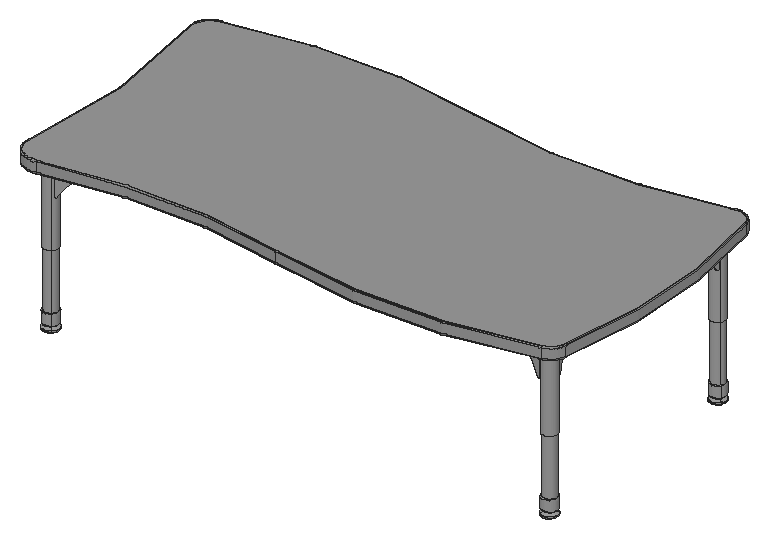
Revit family "Hierarchy Creator Rectangle Table - Youth Height", category Furniture, Revit 2018
Family settings
  Work Plane-Based = No
  Always vertical = Yes
  Cut with Voids When Loaded = No
  Shared = No
  Room Calculation Point = No
Parameters
  Surface = Hierarchy Creator Rectangle Table Youth Surface
  Leg Finish = Hierarchy Leg Platinum
  Table Height = 1' - 4"
  Caster/Glide = Hierarchy Youth Leg - Glide : Hierarchy Youth Leg - Glide
  Edgeband = Hierarchy Creator Rectangle Table Youth Edgeband
Reference planes (in)
  plane 1 "Center (Front/Back)": y = 0
  plane 2: z = 0
  plane 3 "Center (Left/Right)": x = 0
  plane 4: z = 16
Dimensions and locks (in)
  "Table Height": plane 4 to level
  aligned and locked: plane 2 to level
  aligned and locked: nested 1 to plane 4
Nested families (in)
  nested 1: "Creator Rectangle Tabletop" at (0, 0, -11.14175), type "Creator Rectangle Tabletop"
  nested 2: "Hierarchy Youth Leg - Glide" at (-27.73884, 11.16226, 0) x (0.5642, 0.8256, 0) z (0, 0, 1), type <- "Caster/Glide", Leg Finish <- "Leg Finish", Leg Height <- "Table Height", type "Hierarchy Youth Leg - Glide"
    with Leg Height 1' - 4", Leg Finish Hierarchy Leg Platinum
  nested 3: "Hierarchy Youth Leg - Glide" at (-26.159, -12.42898, 0) x (-0.7071, 0.7071, 0) z (0, 0, 1), type <- "Caster/Glide", Leg Finish <- "Leg Finish", Leg Height <- "Table Height", type "Hierarchy Youth Leg - Glide"
    with Leg Height 1' - 4", Leg Finish Hierarchy Leg Platinum
  nested 4: "Hierarchy Youth Leg - Glide" at (26.16688, -11.15372, 0) x (-0.6695, -0.7428, 0) z (0, 0, 1), Leg Finish <- "Leg Finish", Leg Height <- "Table Height", type "Hierarchy Youth Leg - Glide"
    with Leg Height 1' - 4", Leg Finish Hierarchy Leg Platinum
  nested 5: "Hierarchy Youth Leg - Glide" at (24.99755, 12.78999, 0) x (0.8659, -0.5002, 0) z (0, 0, 1), Leg Finish <- "Leg Finish", Leg Height <- "Table Height", type "Hierarchy Youth Leg - Glide"
    with Leg Height 1' - 4", Leg Finish Hierarchy Leg Platinum
Definition of nested family "Creator Rectangle Tabletop"
  Parameters (values of type "Creator Rectangle Tabletop")
    Surface = none
    Leg Finish = none
    Edgeband = none
  Reference planes (in)
    plane 1 "Center (Front/Back)": y = 0
    plane 2: z = 0
    plane 3 "Center (Left/Right)": x = 0
  Forms (in)
    Extrusion 1, solid, material <- "Surface"
      sketch origin (0.22249, 29.34301, 0) x (0.999048, 0.043619, 0) y (-0.043619, 0.999048, 0)
        loop
          arc (-31.02765, -17.07763) -> (-29.55249, -28.69298) -> (-30.47341, -40.36534) r 57.19885
          arc (-30.47341, -40.36534) -> (-29.84167, -42.36209) -> (-27.83422, -42.95895) r 2.23471
          arc (-27.83422, -42.95895) -> (-15.19337, -41.84848) -> (-2.61844, -43.55011) r 57.24531
          arc (-2.61844, -43.55011) -> (11.11957, -45.25915) -> (24.8642, -43.60415) r 56.97139
          arc (24.8642, -43.60415) -> (25.74007, -43.10512) -> (26.22373, -42.22068) r 1.84797
          arc (26.22373, -42.22068) -> (27.64852, -29.46481) -> (26.18014, -16.71389) r 56.94171
          arc (26.18014, -16.71389) -> (25.36038, -15.56515) -> (23.96868, -15.33117) r 1.84606
          arc (23.96868, -15.33117) -> (10.49853, -16.8002) -> (-2.94512, -15.1057) r 58.03507
          arc (-2.94512, -15.1057) -> (-16.28091, -13.42069) -> (-29.64481, -14.86587) r 57.72018
          arc (-29.64481, -14.86587) -> (-30.79574, -15.68446) -> (-31.02765, -17.07763) r 1.8404
      from 27.14175 to 28.39175
    Sweep 2, solid, material <- "Edgeband"
      path in 3D
        loop
          arc (28.26291, -11.69362, 28.39175) -> (27.81828, -12.59832, 28.39175) -> (26.96502, -13.13507, 28.39175) r 1.84797
          arc (26.96502, -13.13507, 28.39175) -> (13.30566, -15.38803, 28.39175) -> (-0.49383, -14.27986, 28.39175) r 56.97139
          arc (-0.49383, -14.27986, 28.39175) -> (-13.13101, -13.12836, 28.39175) -> (-25.71139, -14.78916, 28.39175) r 57.24531
          arc (-25.71139, -14.78916, 28.39175) -> (-27.74296, -14.28043, 28.39175) -> (-28.4612, -12.31314, 28.39175) r 2.23471
          arc (-28.4612, -12.31314, 28.39175) -> (-28.0503, -0.61171, 28.39175) -> (-30.03071, 10.92823, 28.39175) r 57.19885
          arc (-30.03071, 10.92823, 28.39175) -> (-29.85979, 12.33019, 28.39175) -> (-28.74567, 13.1982, 28.39175) r 1.8404
          arc (-28.74567, 13.1982, 28.39175) -> (-15.45752, 15.22494, 28.39175) -> (-2.06092, 14.12323, 28.39175) r 57.72018
          arc (-2.06092, 14.12323, 28.39175) -> (11.44384, 13.01674, 28.39175) -> (24.83709, 15.07194, 28.39175) r 58.03507
          arc (24.83709, 15.07194, 28.39175) -> (26.23768, 14.89888, 28.39175) -> (27.10676, 13.787, 28.39175) r 1.84606
          arc (27.10676, 13.787, 28.39175) -> (29.12993, 1.11226, 28.39175) -> (28.26291, -11.69362, 28.39175) r 56.94171
      profile origin (29.12993, 1.11226, 28.39175) x (0.998972, 0.045327, 0) y (0, 0, 1)
        loop
          line (0, 0) -> (0, -1.25)
          arc (0, -1.25) -> (0.08793, -1.21358) -> (0.12436, -1.12565) r 0.12436
          line (0.12436, -1.12565) -> (0.12436, -0.12436)
          arc (0.12436, -0.12436) -> (0.08793, -0.03642) -> (0, 0) r 0.12436
    Extrusion 3, solid, material <- "Leg Finish"
      sketch origin (0, 0, 0) x (1, 0, 0) y (0, 1, 0)
        loop
          line (21.625, 0.5) -> (-21.625, 0.5) -> (-21.625, -0.5) -> (21.625, -0.5) -> (21.625, 0.5)
      from 26.14175 to 27.14175
  Lines and regions (in)
    sketch lines
      curve 1: arc (27.10676, 13.787, 28.39175) -> (29.12993, 1.11226, 28.39175) -> (28.26291, -11.69362, 28.39175) r 56.94171
      curve 2: arc (24.83709, 15.07194, 28.39175) -> (26.23768, 14.89888, 28.39175) -> (27.10676, 13.787, 28.39175) r 1.84606
      curve 3: arc (-2.06092, 14.12323, 28.39175) -> (11.44384, 13.01674, 28.39175) -> (24.83709, 15.07194, 28.39175) r 58.03507
      curve 4: arc (-28.74567, 13.1982, 28.39175) -> (-15.45752, 15.22494, 28.39175) -> (-2.06092, 14.12323, 28.39175) r 57.72018
      curve 5: arc (-30.03071, 10.92823, 28.39175) -> (-29.85979, 12.33019, 28.39175) -> (-28.74567, 13.1982, 28.39175) r 1.8404
      curve 6: arc (-28.4612, -12.31314, 28.39175) -> (-28.0503, -0.61171, 28.39175) -> (-30.03071, 10.92823, 28.39175) r 57.19885
      curve 7: arc (-25.71139, -14.78916, 28.39175) -> (-27.74296, -14.28043, 28.39175) -> (-28.4612, -12.31314, 28.39175) r 2.23471
      curve 8: arc (-0.49383, -14.27986, 28.39175) -> (-13.13101, -13.12836, 28.39175) -> (-25.71139, -14.78916, 28.39175) r 57.24531
      curve 9: arc (26.96502, -13.13507, 28.39175) -> (13.30566, -15.38803, 28.39175) -> (-0.49383, -14.27986, 28.39175) r 56.97139
      curve 10: arc (28.26291, -11.69362, 28.39175) -> (27.81828, -12.59832, 28.39175) -> (26.96502, -13.13507, 28.39175) r 1.84797
  Dimensions and locks (in)
    aligned and locked: plane 2 to level
Definition of nested family "Hierarchy Youth Leg - Glide"
  Parameters (values of type "Hierarchy Youth Leg - Glide")
    Leg Finish [instance] = none
    Leg Height [instance] = 1' - 4.80117"
  Reference planes (in)
    plane 1 "Center (Front/Back)": y = 0
    plane 2: z = 0
    plane 3 "Center (Left/Right)": x = 0
  Forms (in)
    Extrusion 1, solid
      sketch origin (-0.01562, 0, 0) x (1, 0, 0) y (0, 1, 0)
        loop
          circle (0.01563, 0) r 0.67016
      from 0.67618 to 10.55018
    Revolve 2, solid
      sketch origin (0, 0, 0) x (1, 0, 0) y (0, 0, 1)
        loop
          line (-0.73189, 1.80118) -> (-0.79439, 1.73867) -> (-0.79439, 0.61381) -> (-0.73176, 0.55118) -> (-0.125, 0.55118) -> (-0.125, 0.42618) -> (-0.84656, 0.16241) -> (-0.84656, 0.08994) -> (-0.81359, 0) -> (0, 0) -> (0, 1.80118) -> (-0.73189, 1.80118)
        axis (0, 1.80118) -> (0, 0)
      angle from 0 to 360
  Dimensions and locks (in)
    "Leg Height": nested 1 to level  (x2)
    aligned and locked: plane 2 to level
  Automatic sketch dimensions
    plane 1 "Center (Front/Back)" to Extrusion 1 sketch curve = 0' - 0"
    Extrusion 1 sketch curve to plane 3 "Center (Left/Right)" = 0' - 0"
    Revolve 2 sketch curve to level = 0' - 0"
    Revolve 2 sketch curve to plane 3 "Center (Left/Right)" = 0' - 0"  (x2)
    Revolve 2 sketch curve to plane 3 "Center (Left/Right)" = 0' - 0 1/8"
    Revolve 2 sketch curve to Revolve 2 sketch curve = 0' - 0.60676"
    Revolve 2 sketch curve to Revolve 2 sketch curve = 0' - 0.73189"
    Revolve 2 sketch curve to Revolve 2 sketch curve = 0' - 0.06263"  (x2)
    Revolve 2 sketch curve to Revolve 2 sketch curve = 0' - 0.08183"
    Revolve 2 sketch curve to Revolve 2 sketch curve = 0' - 0.03297"
    level to Revolve 2 sketch curve = 0' - 0.08994"
    Revolve 2 sketch curve to Revolve 2 sketch curve = 0' - 0.07247"
    level to Revolve 2 sketch curve = 0' - 0.42618"
    Revolve 2 sketch curve to Revolve 2 sketch curve = 0' - 0 1/8"
    Revolve 2 sketch curve to Revolve 2 sketch curve = 0' - 1.12486"
    Revolve 2 sketch curve to Revolve 2 sketch curve = 0' - 0 1/16"
    Revolve 2 sketch curve to level = 2' - 0"
    Revolve 2 sketch curve to Revolve 2 sketch curve = 8' - 4.91764"
    radius of Extrusion 1 sketch curve = 0' - 0.67016"
  Nested families (in)
    nested 1: "Hierarchy Youth Upper Leg 2023" at (0, 0, 0), Leg Finish <- "Leg Finish", type "Hierarchy Youth Upper Leg 2023"
      with Leg Finish none
  Definition of nested family "Hierarchy Youth Upper Leg 2023"
    Parameters (values of type "Hierarchy Youth Upper Leg 2023")
      Leg Finish [instance] = none
    Reference planes (in)
      plane 1 "Center (Front/Back)": y = 0
      plane 2: z = 0
      plane 3 "Center (Left/Right)": x = 0
    Forms (in)
      Extrusion 1, solid, material <- "Leg Finish"
        sketch origin (0, 0, -11.001) x (1, 0, 0) y (0, 1, 0)
          loop
            circle (0, 0) r 0.75
        from 19.67618 to 27.67618
      Extrusion 2, solid, material <- "Leg Finish"
        sketch origin (0, 0, -11.001) x (1, 0, 0) y (0, 1, 0)
          loop
            line (-1.70174, 0.19183) -> (-2.88626, -2.26116)
            arc (-2.88626, -2.26116) -> (-2.83993, -3.09822) -> (-2.1063, -3.50394) r 0.86614
            line (-2.1063, -3.50394) -> (2.1063, -3.50394)
            arc (2.1063, -3.50394) -> (2.83993, -3.09822) -> (2.88626, -2.26116) r 0.86614
            line (2.88626, -2.26116) -> (1.70174, 0.19183)
            arc (1.70174, 0.19183) -> (0, 1.25984) -> (-1.70174, 0.19183) r 1.88976
        from 27.67618 to 27.80217
      Extrusion 3, solid, material <- "Leg Finish"
        sketch origin (-1.48519, 8.66524, -11.001) x (-0.434844, 0.900506, 0) y (0, 0, 1)
          loop
            line (-9.01425, 27.67618) -> (-11.80952, 27.67618)
            arc (-11.80952, 27.67618) -> (-11.92325, 27.58993) -> (-11.87088, 27.45715) r 0.11811
            arc (-11.87088, 27.45715) -> (-10.39364, 26.29679) -> (-9.23328, 24.81955) r 7.87402
            arc (-9.23328, 24.81955) -> (-9.1005, 24.76717) -> (-9.01425, 24.88091) r 0.11811
            line (-9.01425, 24.88091) -> (-9.01425, 27.67618)
        from -1.94075 to -1.81476
      Extrusion 4, solid, material <- "Leg Finish"
        sketch origin (1.48519, 8.66524, -11.001) x (0.434844, 0.900506, 0) y (0, 0, -1)
          loop
            line (-9.01425, -27.67618) -> (-9.01425, -24.88091)
            arc (-9.01425, -24.88091) -> (-9.1005, -24.76717) -> (-9.23328, -24.81955) r 0.11811
            arc (-9.23328, -24.81955) -> (-10.39364, -26.29679) -> (-11.87088, -27.45715) r 7.87402
            arc (-11.87088, -27.45715) -> (-11.92325, -27.58993) -> (-11.80952, -27.67618) r 0.11811
            line (-11.80952, -27.67618) -> (-9.01425, -27.67618)
        from -1.94075 to -1.81476
    Dimensions and locks (in)
      aligned and locked: plane 2 to level
